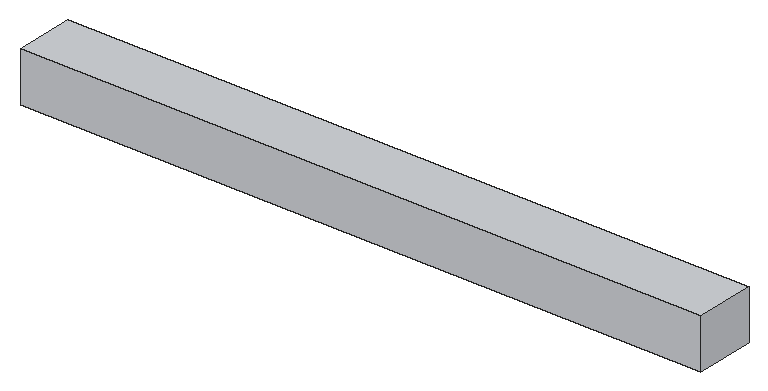
Revit family "baf13e4a6a5a466faaf7bb45d37b3ffa", category Lighting Fixtures, host Face, Revit 2021
Family settings
  Host = Face
  Round Connector Dimension = Use Diameter
  Part Type = Normal
  OmniClass Number = 23.80.70.11.11
  OmniClass Title = General Luminaries, Non Directional
  Seek Item ID = Strip Lighting Fixtures-0000-USA-ENU
  Cut with Voids When Loaded = No
  Light Source = Yes
  Shared = No
  Room Calculation Point = No
Parameters (values of type "4' 2 Lamp - 277")
  Width = 0' - 4 3/16"
  Wattage = 64 W
  built-in parameter 1150110 = 1 (stored number, unit not read)
  built-in parameter 1150109 = 1 (stored number, unit not read)
  built-in parameter 1150134 = 8
  built-in parameter 1150113 = 1 (stored number, unit not read)
  Tilt Angle = -90.00°
  Lumens = 5800.32 lm
  built-in parameter 1114217 = 0.88 (stored number, unit not read)
  built-in parameter 1150115 = 1 (stored number, unit not read)
  built-in parameter 1150105 = 461.57 (stored number, unit not read)
  Load Classification = Lighting - Dwelling Unit
  built-in parameter 1150137 = 1
  built-in parameter 1150139 = (empty or 0)
  Length = 4' - 0"
  Photometric Web File = "ST42.ies"
  built-in parameter 1150112 = 1 (stored number, unit not read)
  built-in parameter 1150114 = 1 (stored number, unit not read)
  built-in parameter 1150132 = (empty or 0)
  built-in parameter 1150102 = (empty or 0)
  built-in parameter 1150138 = (empty or 0)
  built-in parameter 1150107 = 4230 (stored number, unit not read)
  built-in parameter 1150106 = 4.6157 (stored number, unit not read)
  Emit from Rectangle Width = Width  # 0' - 4 3/16"
  Emit from Rectangle Length = Length  # 4' - 0"
  Emit Shape Visible in Rendering = no
  built-in parameter 1150104 = 8.4198 (stored number, unit not read)
  Dimming Lamp Color Temperature Shift = <None>
  Depth = 0' - 3 1/2"
  Default Elevation = 4' - 0"
  Color Filter = 16777215
  built-in parameter 1140040 [instance] = 1
  Ballast Voltage = 277 V
  built-in parameter 1114218 = 0.88 (stored number, unit not read)
  built-in parameter 1150133 = 10 (stored number, unit not read)
  Assembly Code = ""
  Apparent Load = 32 VA
Types (4): name | Wattage | Lumens | built-in parameter 1150105 | Photometric Web File | built-in parameter 1150106 | built-in parameter 1150104 | Ballast Voltage | Apparent Load
  4' 1 Lamp - 120 | 32 W | 3049.92 lm | 242.7 (stored number, unit not read) | "ST41.ies" | 2.427 (stored number, unit not read) | 8.8546 (stored number, unit not read) | 120 V | 32 VA
  4' 1 Lamp - 277 | 32 W | 3049.92 lm | 242.7 (stored number, unit not read) | "ST41.ies" | 2.427 (stored number, unit not read) | 8.8546 (stored number, unit not read) | 277 V | 32 VA
  4' 2 Lamp - 120 | 64 W | 5800.32 lm | 461.57 (stored number, unit not read) | "ST42.ies" | 4.6157 (stored number, unit not read) | 8.4198 (stored number, unit not read) | 120 V | 64 VA
  4' 2 Lamp - 277 | 64 W | 5800.32 lm | 461.57 (stored number, unit not read) | "ST42.ies" | 4.6157 (stored number, unit not read) | 8.4198 (stored number, unit not read) | 277 V | 32 VA
Reference planes (in)
  plane 1 "Center (Front/Back)": y = 0
  plane 2: z = 0
  plane 3 "Center (Left/Right)": x = 0
  plane 4: y = 2.09375
  plane 5: y = -2.09375
  plane 6: x = 48
  plane 7: x = 24
  plane 8: z = 3.5
Forms (in)
  Extrusion 1, solid
    sketch origin (0, 0, 0) x (1, 0, 0) y (0, 1, 0)
      loop
        line (0, 2.09375) -> (0, -2.09375) -> (48, -2.09375) -> (48, 2.09375) -> (0, 2.09375)
    from 0 to 3.5
Lines and regions (in)
  symbolic lines, detail levels fine
    curve 1: line (0, 2.09375, 0) -> (48, 2.09375, 0)
    curve 2: line (0, -2.09375, 0) -> (0, 2.09375, 0)
    curve 3: line (48, -2.09375, 0) -> (0, -2.09375, 0)
    curve 4: line (48, 2.09375, 0) -> (48, -2.09375, 0)
Dimensions and locks (in)
  equal spacing: plane 4, plane 1 "Center (Front/Back)", plane 5
  "Width": plane 4 to plane 5
  "Length": plane 3 "Center (Left/Right)" to plane 6
  equal spacing: plane 3 "Center (Left/Right)", plane 7, plane 6
  "Depth": plane 8 to host face
  aligned and locked: plane 2 to host face
  aligned and locked: level to host face
  aligned and locked: plane 3 "Center (Left/Right)" to Extrusion 1 sketch curve
  aligned and locked: Extrusion 1 sketch curve to plane 4
  aligned and locked: plane 5 to Extrusion 1 sketch curve
  aligned and locked: Extrusion 1 sketch curve to plane 6
  aligned and locked: plane 4 to Extrusion 1
  aligned and locked: Extrusion 1 to plane 3 "Center (Left/Right)"
  aligned and locked: plane 6 to Extrusion 1
  aligned and locked: Extrusion 1 to plane 5
  aligned and locked: plane 3 "Center (Left/Right)" to curve 1
  aligned and locked: curve 1 to plane 4
  aligned and locked: plane 5 to curve 4
  aligned and locked: curve 4 to plane 6
  aligned and locked: plane 8 to Extrusion 1
  aligned and locked: plane 3 "Center (Left/Right)" to nested 1
  aligned and locked: plane 1 "Center (Front/Back)" to nested 1
  aligned and locked: imposter light to plane 7
  aligned and locked: imposter light to plane 1 "Center (Front/Back)"
  aligned and locked: plane 8 to imposter light
Automatic sketch dimensions
  host sketch curve to host sketch curve = 9' - 3.15079"
  host sketch curve to host sketch curve = 8' - 0"
Nested families (in)
  nested 1: "Strip Detail" at (0, 17.5, 0), Width <- "Width", Length <- "Length", type "Strip Detail", detail levels coarse+medium
    with Width 0' - 4 3/16", Radius 0' - 2 3/32", Length1 1' - 9 29/32", Length 4' - 0"
Connectors (in)
  electrical at (24, 0, 0), driven by "Apparent Load", driven by "Ballast Voltage", driven by "Load Classification"
    settings: on Extrusion 1, index 1, voltage 277 V, apparent load 0 VA, apparent load phase1 32 VA, apparent load phase2 0 VA, apparent load phase3 0 VA, power factor 0.95, load classification "Lighting - Dwelling Unit", number of poles 1, system type 31, power factor state 1, is connector primary yes, connector utility no, sub classification motor no, connector description ""
Definition of nested family "Strip Detail"
  Parameters
    Width [instance] = 3' - 0"
    Radius [instance] = Width / 2  # 1' - 6"
    Length1 [instance] = Length / 2 - Radius  # 2' - 6"
    Length [instance] = 8' - 0"
  Reference planes (in)
    plane 1 "Center (Front/Back)": y = -17.5
    plane 2: z = 0
    plane 3 "Center (Left/Right)": x = 0
    plane 4: y = 0.5
    plane 5: y = -35.5
    plane 6: x = 96
  Lines and regions (in)
    detail lines, in view "Ref. Level"
      curve 1: line (0, 0.5, 0) -> (0, -35.5, 0)
      curve 2: line (96, 0.5, 0) -> (96, -35.5, 0)
      curve 3: circle (48, -17.5, 0) r 18 normal (0, 0, 1)
      curve 4: line (0, -17.5, 0) -> (30, -17.5, 0)
      curve 5: line (96, -17.5, 0) -> (66, -17.5, 0)
  Dimensions and locks (in)
    "Length": plane 3 "Center (Left/Right)" to plane 6
    "Width": plane 4 to plane 5
    equal spacing: plane 4, plane 1 "Center (Front/Back)", plane 5
    "Length1": curve 1 to curve 3
    "Radius": radius of curve 3
    aligned and locked: curve 1 to plane 3 "Center (Left/Right)"
    aligned and locked: plane 4 to curve 2
    aligned and locked: curve 2 to plane 6
  Automatic sketch dimensions
    curve 4 to plane 1 "Center (Front/Back)" = 0' - 0"
    curve 3 to plane 1 "Center (Front/Back)" = 0' - 0"
    curve 5 to plane 1 "Center (Front/Back)" = 0' - 0"
    curve 1 to plane 5 = 0' - 0"
    curve 2 to plane 5 = 0' - 0"
    curve 1 to plane 4 = 0' - 0"
